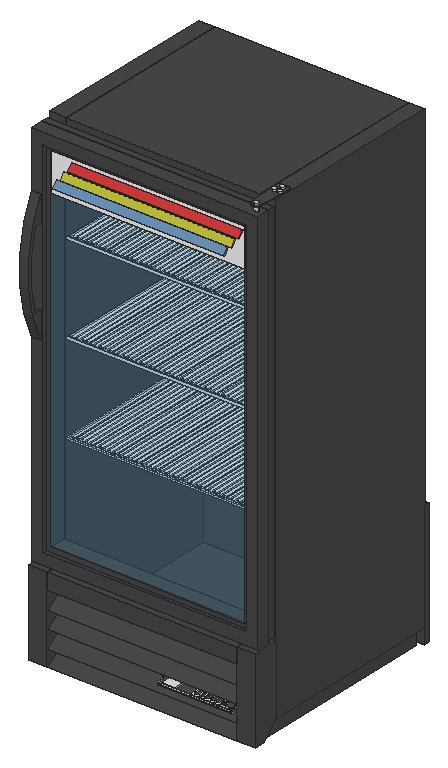
Revit family "QF_TRUE_GDM-10-HC~TSL01", category Specialty Equipment, Revit 2016
Family settings
  Part Type = Normal
  Round Connector Dimension = Use Diameter
  Work Plane-Based = No
  Always vertical = Yes
  Cut with Voids When Loaded = No
  Shared = No
  Room Calculation Point = No
Parameters
  Weight in Pounds = 0
  Watts = Volts * FL Amps  # 230 W
  Volts = 115 V
  URL Cutsheet = ""
  Specification by User = ""
  Specification by Manufacturer = ""
  Show Logo [instance] = yes
  Show Default Legs [instance] = not(Show 2.5 Inches Legs)  # yes
  Show Clearance [instance] = yes
  Show 2.5 Inches Legs [instance] = no
  Serial Number = ""
  Seismic Rating = ""
  SMACNA No = ""
  Revision Code = ""
  Phase = 1
  Number of Poles = 1
  NAFEM Spec ID Number = ""
  Model = "GDM-10-HC~TSL01"
  Min Ckt Ampacity = 0 A
  Max Overcurrent Protection = 0 A
  Materials and Finishes [instance] = QF_Plastic - Black - Smooth
  Masterspec = ""
  Manufacturer = "TRUE"
  Length = 24 13/16"
  Item Number = ""
  Installed By = ""
  Identify Quantity as Lot = yes
  Height [instance] = Body Height + Base Height  # 53 3/8"
  HP = "1/6"
  Furnished By = ""
  Foodservice Equipment Identifier = yes
  FL Amps = 2 A
  Electrical Remarks = ""
  Electric Connection Type = ""
  Elec Conn RI Height = 0"
  Elec Conn Connection Height = 0"
  Description = "SWING DOOR REFRIGERATOR WITH HYDROCARBON REFRIGERANT-TRUE STANDARD LOOK VERSION 01"
  Depth = 25 1/32"
  Cycle = 60 Hz
  Conn Plug = "NEMA 5-15P"
  Conn Conduit = yes
  CSI MasterFormat = ""
  Body Height [instance] = 53 3/16"  # constant formula
  Base Height [instance] = if(Show 2.5 Inches Legs, 2 1/2", 3/16")  # 3/16"
  Apparent Power = 0 VA
Reference planes (in)
  plane 1 "BACK": y = 0
  plane 2: z = 0
  plane 3 "LEFT": x = 0
  plane 4 "RIGHT": x = 24.8125
  plane 5 "FRONT": y = -25.03125
  plane 6 "TOP": z = 53.375
  plane 7 "Center Y": x = 12.40625
  plane 8 "Center X": y = -12.51562
  plane 9: y = -0.53125
  plane 10: y = -23.40625
  plane 11: y = -25.09375
  plane 12: y = -46.625
  plane 13: z = 0.1875
Forms (in)
  Revolve 1, solid, material "QF_Plastic - Black - Smooth", visible <- "Show 2.5 Inches Legs"
    sketch origin (0, -1.625, 0) x (1, 0, 0) y (0, 0, 1)
      loop
        line (2, 0) -> (2, 2.5) -> (1.48188, 2.5) -> (1.48188, 0.1875) -> (1.22535, 0.1875) -> (1.22535, 0) -> (2, 0)
      axis (2, 0) -> (2, 2.5)
    angle from 0 to 360
  Revolve 2, solid, material "QF_Plastic - Black - Smooth", visible <- "Show 2.5 Inches Legs"
    sketch origin (20.8125, -1.625, 0) x (1, 0, 0) y (0, 0, 1)
      loop
        line (2, 0) -> (2, 2.5) -> (1.48188, 2.5) -> (1.48188, 0.1875) -> (1.22535, 0.1875) -> (1.22535, 0) -> (2, 0)
      axis (2, 0) -> (2, 2.5)
    angle from 0 to 360
  Revolve 3, solid, material "QF_Plastic - Black - Smooth", visible <- "Show 2.5 Inches Legs"
    sketch origin (0, -21.375, 0) x (1, 0, 0) y (0, 0, 1)
      loop
        line (2, 0) -> (2, 2.5) -> (1.48188, 2.5) -> (1.48188, 0.1875) -> (1.22535, 0.1875) -> (1.22535, 0) -> (2, 0)
      axis (2, 0) -> (2, 2.5)
    angle from 0 to 360
  Revolve 4, solid, material "QF_Plastic - Black - Smooth", visible <- "Show 2.5 Inches Legs"
    sketch origin (20.8125, -21.375, 0) x (1, 0, 0) y (0, 0, 1)
      loop
        line (2, 0) -> (2, 2.5) -> (1.48188, 2.5) -> (1.48188, 0.1875) -> (1.22535, 0.1875) -> (1.22535, 0) -> (2, 0)
      axis (2, 0) -> (2, 2.5)
    angle from 0 to 360
  Revolve 5, solid, material "QF_Plastic - Black - Smooth", visible <- "Show 2.5 Inches Legs", not visible
    sketch origin (0, -1.625, 0) x (1, 0, 0) y (0, 0, 1)
      loop
        line (2, 0) -> (2, 2.5) -> (1.48188, 2.5) -> (1.48188, 0.1875) -> (1.22535, 0.1875) -> (1.22535, 0) -> (2, 0)
      axis (2, 0) -> (2, 2.5)
    angle from 0 to 360
  Revolve 6, solid, material "QF_Plastic - Black - Smooth", visible <- "Show 2.5 Inches Legs", not visible
    sketch origin (20.8125, -1.625, 0) x (1, 0, 0) y (0, 0, 1)
      loop
        line (2, 0) -> (2, 2.5) -> (1.48188, 2.5) -> (1.48188, 0.1875) -> (1.22535, 0.1875) -> (1.22535, 0) -> (2, 0)
      axis (2, 0) -> (2, 2.5)
    angle from 0 to 360
  Revolve 7, solid, material "QF_Plastic - Black - Smooth", visible <- "Show 2.5 Inches Legs", not visible
    sketch origin (0, -21.375, 0) x (1, 0, 0) y (0, 0, 1)
      loop
        line (2, 0) -> (2, 2.5) -> (1.48188, 2.5) -> (1.48188, 0.1875) -> (1.22535, 0.1875) -> (1.22535, 0) -> (2, 0)
      axis (2, 0) -> (2, 2.5)
    angle from 0 to 360
  Revolve 8, solid, material "QF_Plastic - Black - Smooth", visible <- "Show 2.5 Inches Legs", not visible
    sketch origin (20.8125, -21.375, 0) x (1, 0, 0) y (0, 0, 1)
      loop
        line (2, 0) -> (2, 2.5) -> (1.48188, 2.5) -> (1.48188, 0.1875) -> (1.22535, 0.1875) -> (1.22535, 0) -> (2, 0)
      axis (2, 0) -> (2, 2.5)
    angle from 0 to 360
Dimensions and locks (in)
  equal spacing: plane 3 "LEFT", plane 7 "Center Y", plane 4 "RIGHT"
  "Length": plane 3 "LEFT" to plane 4 "RIGHT"
  equal spacing: plane 5 "FRONT", plane 8 "Center X", plane 1 "BACK"
  "Depth": plane 5 "FRONT" to plane 1 "BACK"
  "Body Height": plane 6 "TOP" to plane 13
  plane 4 "RIGHT" to plane 3 "LEFT" = 24 13/16"
  plane 9 to plane 1 "BACK" = 17/32"
  plane 10 to plane 9 = 22 7/8"
  plane 5 "FRONT" to plane 10 = 1 5/8"
  plane 5 "FRONT" to plane 1 "BACK" = 25 1/32"
  plane 12 to plane 1 "BACK" = 46 5/8"
  "Base Height": plane 13 to level
  aligned and locked: level to plane 2
  aligned and locked: nested 1 to plane 13
Automatic sketch dimensions
  Revolve 1 sketch curve to Revolve 1 sketch curve = 0.51812"
  Revolve 1 sketch curve to Revolve 1 sketch curve = 0"  (x2)
  Revolve 1 sketch curve to Revolve 1 sketch curve = 1.02446"
  Revolve 2 sketch curve to Revolve 2 sketch curve = 0.25653"
  Revolve 2 sketch curve to Revolve 2 sketch curve = 0.51812"
  Revolve 2 sketch curve to Revolve 2 sketch curve = 0"  (x2)
  Revolve 2 sketch curve to Revolve 2 sketch curve = 1.02446"
  Revolve 3 sketch curve to Revolve 3 sketch curve = 0.51812"
  Revolve 3 sketch curve to Revolve 3 sketch curve = 0"  (x2)
  Revolve 3 sketch curve to Revolve 3 sketch curve = 1.02446"
  Revolve 4 sketch curve to Revolve 4 sketch curve = 0.25653"
  Revolve 4 sketch curve to Revolve 4 sketch curve = 0.51812"
  Revolve 4 sketch curve to Revolve 4 sketch curve = 0"  (x2)
  Revolve 4 sketch curve to Revolve 4 sketch curve = 1.02446"
  Revolve 1 sketch curve to Revolve 1 sketch curve = 0.25653"
  Revolve 1 sketch curve to Revolve 1 sketch curve = 3/16"
  Revolve 1 sketch curve to Revolve 1 sketch curve = 2 5/16"
  Revolve 2 sketch curve to Revolve 2 sketch curve = 3/16"
  Revolve 2 sketch curve to Revolve 2 sketch curve = 2 5/16"
  Revolve 3 sketch curve to Revolve 3 sketch curve = 0.25653"
  Revolve 3 sketch curve to Revolve 3 sketch curve = 3/16"
  Revolve 3 sketch curve to Revolve 3 sketch curve = 2 5/16"
  Revolve 4 sketch curve to Revolve 4 sketch curve = 3/16"
  Revolve 4 sketch curve to Revolve 4 sketch curve = 2 5/16"
  Revolve 5 sketch curve to Revolve 5 sketch curve = 0.51812"
  Revolve 5 sketch curve to Revolve 5 sketch curve = 0"  (x2)
  Revolve 5 sketch curve to Revolve 5 sketch curve = 1.02446"
  Revolve 6 sketch curve to Revolve 6 sketch curve = 0.25653"
  Revolve 6 sketch curve to Revolve 6 sketch curve = 0.51812"
  Revolve 6 sketch curve to Revolve 6 sketch curve = 0"  (x2)
  Revolve 6 sketch curve to Revolve 6 sketch curve = 1.02446"
  Revolve 7 sketch curve to Revolve 7 sketch curve = 0.51812"
  Revolve 7 sketch curve to Revolve 7 sketch curve = 0"  (x2)
  Revolve 7 sketch curve to Revolve 7 sketch curve = 1.02446"
  Revolve 8 sketch curve to Revolve 8 sketch curve = 0.25653"
  Revolve 8 sketch curve to Revolve 8 sketch curve = 0.51812"
  Revolve 8 sketch curve to Revolve 8 sketch curve = 0"  (x2)
  Revolve 8 sketch curve to Revolve 8 sketch curve = 1.02446"
  Revolve 5 sketch curve to Revolve 5 sketch curve = 0.25653"
  Revolve 5 sketch curve to Revolve 5 sketch curve = 3/16"
  Revolve 5 sketch curve to Revolve 5 sketch curve = 2 5/16"
  Revolve 6 sketch curve to Revolve 6 sketch curve = 3/16"
  Revolve 6 sketch curve to Revolve 6 sketch curve = 2 5/16"
  Revolve 7 sketch curve to Revolve 7 sketch curve = 0.25653"
  Revolve 7 sketch curve to Revolve 7 sketch curve = 3/16"
  Revolve 7 sketch curve to Revolve 7 sketch curve = 2 5/16"
  Revolve 8 sketch curve to Revolve 8 sketch curve = 3/16"
  Revolve 8 sketch curve to Revolve 8 sketch curve = 2 5/16"
Nested families (in)
  nested 1: "GDM-10-HC-TSL01" at (0, 0, 0), Show Clearance <- "Show Clearance", Show Default Legs <- "Show Default Legs", Show Logo <- "Show Logo", type "GDM-10-HC-TSL01"
    with Show Logo yes, Show Default Legs yes, Show Clearance yes
Connectors (in)
  electrical at (12.40625, 0.125, 7.53125), driven by "Volts", driven by "Watts"
    settings: on nested 1, index 1, voltage 115 V, apparent load 230 VA, apparent load phase1 0 VA, apparent load phase2 0 VA, apparent load phase3 0 VA, power factor 1, load classification "Other", number of poles 1, system type 30, power factor state 1, is connector primary yes, connector utility no, sub classification motor no, connector description "ELECTRICAL CONNECTION"
Definition of nested family "GDM-10-HC-TSL01"
  Parameters (values of type "GDM-10-HC-TSL01")
    Weight in Pounds = 0
    Watts = 0 W
    Volts = 0 V
    URL Cutsheet = ""
    Specification by User = ""
    Specification by Manufacturer = ""
    Show Logo [instance] = yes
    Show Default Legs [instance] = yes
    Show Clearance [instance] = yes
    Serial Number = ""
    Seismic Rating = ""
    SMACNA No = ""
    Revision Code = ""
    Phase = 0
    Number of Poles = 1
    NAFEM Spec ID Number = ""
    Model = ""
    Min Ckt Ampacity = 0 A
    Max Overcurrent Protection = 0 A
    Materials and Finishes = none
    Masterspec = ""
    Manufacturer = ""
    Length = 24 13/16"
    Item Number = ""
    Installed By = ""
    Identify Quantity as Lot = yes
    Height = 53 3/8"
    HP = ""
    Furnished By = ""
    Foodservice Equipment Identifier = yes
    FL Amps = 0 A
    Electrical Remarks = ""
    Electric Connection Type = ""
    Elec Conn RI Height = 0"
    Elec Conn Connection Height = 0"
    Description = ""
    Depth = 25 1/32"
    Cycle = 0 Hz
    Conn Plug = ""
    Conn Conduit = yes
    CSI MasterFormat = ""
    Apparent Power = 0 VA
  Reference planes (in)
    plane 1 "BACK": y = 0
    plane 2: z = 0
    plane 3 "LEFT": x = 0
    plane 4 "RIGHT": x = 24.8125
    plane 5 "FRONT": y = -25.03125
    plane 6 "TOP": z = 53.375
    plane 7 "Center Y": x = 12.40625
    plane 8 "Center X": y = -12.51562
    plane 9: y = -0.53125
    plane 10: y = -23.40625
    plane 11: y = -25.09375
    plane 12: z = 10.5
    plane 13: z = 2.375
    plane 14: z = 10.5
    plane 15: y = -46.625
    plane 16: y = -46.625
    plane 17: z = 0.1875
  Forms (in)
    Extrusion 1, solid
      sketch origin (0.03125, -23.4375, 65.50979) x (0, 0, 1) y (1, 0, 0)
        loop
          line (-13.96984, 23.53125) -> (-54.00979, 23.53125) -> (-54.00979, 1.21875) -> (-13.96984, 1.21875) -> (-13.96984, 23.53125)
        loop
          line (-14.46984, 23.03125) -> (-53.50979, 23.03125) -> (-53.50979, 1.71875) -> (-14.46984, 1.71875) -> (-14.46984, 23.03125)
      from 2.25251 to 0.5
    Extrusion 2, solid, material <- "Materials and Finishes"
      sketch origin (0.03125, -23.4375, 65.50979) x (0, 0, 1) y (1, 0, 0)
        loop
          line (-55.25979, -0.03125) -> (-12.71984, -0.03125) -> (-12.71984, 24.78125) -> (-55.25979, 24.78125) -> (-55.25979, -0.03125)
        loop
          line (-13.96984, 23.53125) -> (-54.00979, 23.53125) -> (-54.00979, 1.21875) -> (-13.96984, 1.21875) -> (-13.96984, 23.53125)
      from 1.50251 to 0.03125
    Extrusion 3, solid
      sketch origin (0.03125, -23.4375, 65.50979) x (0, 0, 1) y (1, 0, 0)
        loop
          line (-13.96984, 23.53125) -> (-54.00979, 23.53125) -> (-54.00979, 1.21875) -> (-13.96984, 1.21875) -> (-13.96984, 23.53125)
        loop
          line (-13.71984, 23.78125) -> (-54.25979, 23.78125) -> (-54.25979, 0.96875) -> (-13.71984, 0.96875) -> (-13.71984, 23.78125)
      from 2.25251 to 2.5625
    Extrusion 4, solid, material <- "Materials and Finishes"
      sketch origin (0.03125, 2.9375, 12.89062) x (0, 1, 0) y (0, 0, 1)
        loop
          line (-3.46875, 39.39932) -> (-5.125, 39.39932) -> (-5.125, -9.51562) -> (-23.8125, -9.51562) -> (-23.8125, -10.51562) -> (-3.46875, -10.51562) -> (-3.46875, 39.39932)
      from 1.75 to 23
    Extrusion 5, solid, material <- "Materials and Finishes"
      sketch origin (0.03125, 2.9375, 12.89062) x (0, -1, 0) y (0, 0, 1)
        loop
          line (23.8125, 40.39932) -> (3.46875, 40.39932) -> (3.46875, -10.51562) -> (23.8125, -10.51562) -> (23.8125, 40.39932)
      from 0.03125 to -1.75
    Extrusion 6, solid, material <- "Materials and Finishes"
      sketch origin (0, -0.0625, -1.8125) x (0, 1, 0) y (0, 0, 1)
        loop
          line (-0.46875, 2.5) -> (0.0625, 2.5) -> (0.0625, 16.1875) -> (-0.46875, 16.1875) -> (-0.46875, 2.5)
      from 0 to 24.8125
    Extrusion 7, solid, material <- "Materials and Finishes"
      sketch origin (0, 0.46875, 0.375) x (0, 1, 0) y (0, 0, 1)
        loop
          line (-21.34375, 9.625) -> (-24.20354, 9.625) -> (-24.20354, 0.3125) -> (-23.03125, 0.3125) -> (-21.34375, 2) -> (-21.34375, 9.625)
      from 0 to 2
    Extrusion 8, solid
      sketch origin (0, 0.46875, 0.375) x (0, 1, 0) y (0, 0, 1)
        loop
          line (-23.03125, 0.3125) -> (-23.03125, -0.1875) -> (-1, -0.1875) -> (-1, 2) -> (-21.34375, 2) -> (-23.03125, 0.3125)
      from 0.98361 to 23.82889
    Extrusion 9, solid, material <- "Materials and Finishes"
      sketch origin (2, 0.46875, 0.375) x (0, 1, 0) y (0, 0, 1)
        loop
          line (-24.20354, 9.625) -> (-24.20354, 7.875) -> (-21.40384, 7.875) -> (-24.20354, 5.88192) -> (-23.74627, 5.88192) -> (-21.34375, 7.61566) -> (-21.34375, 9.625) -> (-24.20354, 9.625)
        loop
          line (-21.34375, 6.04694) -> (-24.20354, 4.01463) -> (-23.74627, 4.01463) -> (-21.34375, 5.74837) -> (-21.34375, 6.04694)
        loop
          line (-21.34375, 3.88108) -> (-21.34375, 4.17966) -> (-24.20354, 2.11927) -> (-23.78927, 2.11927) -> (-21.34375, 3.88108)
        loop
          line (-21.34375, 2.37289) -> (-24.20354, 0.3125) -> (-23.03125, 0.3125) -> (-21.34375, 2) -> (-21.34375, 2.37289)
      from 0 to 20.8125
    Extrusion 10, solid
      sketch origin (0.03125, -22.9375, 65.50979) x (0, 0, -1) y (1, 0, 0)
        loop
          line (18.71984, 1.71875) -> (53.50979, 1.71875) -> (53.50979, 23.03125) -> (18.71984, 23.03125) -> (18.71984, 1.71875)
      from 0 to -0.125
    Extrusion 11, solid, visible <- "Show Clearance", detail levels coarse
      sketch origin (23.15625, -23.4375, 10.5) x (0, -1, 0) y (-1, 0, 0)
        loop
          line (-0.03125, -1.65625) -> (23.1875, -1.65625)
          arc (23.1875, -1.65625) -> (16.70099, 15.54381) -> (-0.03125, 23.15625) r 24.08186
          line (-0.03125, 23.15625) -> (-0.03125, -1.65625)
      from 0.25 to -42.28994
    Extrusion 12, solid, material <- "Materials and Finishes"
      sketch origin (24.78125, 2.9375, 12.89062) x (0, -1, 0) y (0, 0, -1)
        loop
          line (23.8125, -40.39932) -> (23.8125, 10.51562) -> (3.46875, 10.51562) -> (3.46875, -40.39932) -> (23.8125, -40.39932)
      from 0.03125 to -1.75
    Extrusion 13, solid
      sketch origin (0.03125, -21.96624, 65.50979) x (0, 0, 1) y (1, 0, 0)
        loop
          line (-55.00979, -0.03125) -> (-12.71984, -0.03125) -> (-12.71984, 24.78125) -> (-55.00979, 24.78125) -> (-55.00979, -0.03125)
        loop
          line (-13.96984, 23.53125) -> (-53.75979, 23.53125) -> (-53.75979, 1.21875) -> (-13.96984, 1.21875) -> (-13.96984, 23.53125)
      from 0.78125 to 0.03125
    Extrusion 14, solid, material <- "Materials and Finishes"
      sketch origin (24.8125, 0.46875, 0.375) x (0, 1, 0) y (0, 0, -1)
        loop
          line (-21.34375, -9.625) -> (-21.34375, -2) -> (-23.03125, -0.3125) -> (-24.20354, -0.3125) -> (-24.20354, -9.625) -> (-21.34375, -9.625)
      from 0 to 2
    Extrusion 15, solid
      sketch origin (0.35938, 0, 0) x (1, 0, 0) y (0, 1, 0)
        loop
          circle (23.55974, -22.48479) r 0.25
      from 10 to 53.44619
    Extrusion 16, solid, material <- "Materials and Finishes"
      sketch origin (0.375, 2.875, 22.39062) x (0, 1, 0) y (0, 0, 1)
        loop
          arc (-26.28125, 24.2861) -> (-27.90626, 17.09363) -> (-26.28125, 9.90116) r 16.72986
          line (-26.28125, 9.90116) -> (-26.28125, 12.85144) -> (-27.1009, 12.85144)
          arc (-27.1009, 12.85144) -> (-27.65626, 17.09363) -> (-27.1009, 21.33582) r 16.47986
          line (-27.1009, 21.33582) -> (-26.28125, 21.33582) -> (-26.28125, 24.2861)
      from -0.375 to 0.625
    Revolve 17, solid, visible <- "Show Default Legs"
      sketch origin (2, 0.46875, 0) x (0, 1, 0) y (0, 0, 1)
        loop
          line (-21.84375, 0) -> (-21.84375, 0.1875) -> (-22.6184, 0.1875) -> (-22.6184, 0) -> (-21.84375, 0)
        axis (-21.84375, 0) -> (-21.84375, 0.1875)
      angle from 0 to 360
    Revolve 18, solid, visible <- "Show Default Legs"
      sketch origin (2, 20.21875, 0) x (0, 1, 0) y (0, 0, 1)
        loop
          line (-21.84375, 0) -> (-21.84375, 0.1875) -> (-22.6184, 0.1875) -> (-22.6184, 0) -> (-21.84375, 0)
        axis (-21.84375, 0) -> (-21.84375, 0.1875)
      angle from 0 to 360
    Revolve 19, solid, visible <- "Show Default Legs"
      sketch origin (22.8125, 0.46875, 0) x (0, 1, 0) y (0, 0, -1)
        loop
          line (-21.84375, 0) -> (-22.6184, 0) -> (-22.6184, -0.1875) -> (-21.84375, -0.1875) -> (-21.84375, 0)
        axis (-21.84375, 0) -> (-21.84375, -0.1875)
      angle from 0 to 360
    Revolve 20, solid, visible <- "Show Default Legs"
      sketch origin (22.8125, 20.21875, 0) x (0, 1, 0) y (0, 0, -1)
        loop
          line (-21.84375, 0) -> (-22.6184, 0) -> (-22.6184, -0.1875) -> (-21.84375, -0.1875) -> (-21.84375, 0)
        axis (-21.84375, 0) -> (-21.84375, -0.1875)
      angle from 0 to 360
    Extrusion 21, solid, not visible
      sketch origin (-6.9261, -177.0625, 34.29306) x (-1, 0, 0) y (0, -1, 0)
        loop
          line (-8.70735, -174.875) -> (-8.70735, -156.1875) -> (-29.95735, -156.1875) -> (-29.95735, -174.875) -> (-8.70735, -174.875)
        loop
          line (-8.95735, -174.625) -> (-8.95735, -156.375) -> (-29.70735, -156.375) -> (-29.70735, -174.625) -> (-8.95735, -174.625)
      from 0 to 0.25
    Extrusion 22, solid, not visible
      sketch origin (0.23437, 2.9375, 7.80869) x (1, 0, 0) y (0, 0, 1)
        loop
          circle (10.17187, 26.73438) r 0.125
        loop
          circle (9.67187, 26.73438) r 0.125
        loop
          circle (9.17187, 26.73438) r 0.125
        loop
          circle (8.67187, 26.73438) r 0.125
        loop
          circle (8.17187, 26.73438) r 0.125
        loop
          circle (7.67187, 26.73438) r 0.125
        loop
          circle (7.17187, 26.73438) r 0.125
        loop
          circle (6.67187, 26.73438) r 0.125
        loop
          circle (6.17187, 26.73438) r 0.125
        loop
          circle (5.67187, 26.73438) r 0.125
        loop
          circle (5.17187, 26.73438) r 0.125
        loop
          circle (4.67187, 26.73438) r 0.125
        loop
          circle (4.17187, 26.73438) r 0.125
        loop
          circle (3.67187, 26.73438) r 0.125
        loop
          circle (3.17187, 26.73438) r 0.125
        loop
          circle (2.67187, 26.73438) r 0.125
        loop
          circle (2.17187, 26.73438) r 0.125
        loop
          circle (10.67187, 26.73438) r 0.125
        loop
          circle (11.17187, 26.73438) r 0.125
        loop
          circle (11.67187, 26.73438) r 0.125
        loop
          circle (12.17188, 26.73438) r 0.125
        loop
          circle (14.17188, 26.73438) r 0.125
        loop
          circle (14.67188, 26.73438) r 0.125
        loop
          circle (15.17188, 26.73438) r 0.125
        loop
          circle (15.67188, 26.73438) r 0.125
        loop
          circle (16.17188, 26.73438) r 0.125
        loop
          circle (16.67188, 26.73438) r 0.125
        loop
          circle (17.17188, 26.73438) r 0.125
        loop
          circle (17.67188, 26.73438) r 0.125
        loop
          circle (18.17188, 26.73438) r 0.125
        loop
          circle (18.67188, 26.73438) r 0.125
        loop
          circle (19.17188, 26.73438) r 0.125
        loop
          circle (19.67188, 26.73438) r 0.125
        loop
          circle (20.17188, 26.73438) r 0.125
        loop
          circle (20.67188, 26.73438) r 0.125
        loop
          circle (21.17188, 26.73438) r 0.125
        loop
          circle (21.67188, 26.73438) r 0.125
        loop
          circle (22.17188, 26.73438) r 0.125
        loop
          circle (13.67188, 26.73438) r 0.125
        loop
          circle (13.17188, 26.73438) r 0.125
        loop
          circle (12.67188, 26.73438) r 0.125
      from 5.125 to 23.625
    Extrusion 23, solid
      sketch origin (-6.9261, -177.0625, 31.567) x (-1, 0, 0) y (0, -1, 0)
        loop
          line (-8.70735, -174.875) -> (-8.70735, -156.1875) -> (-29.95735, -156.1875) -> (-29.95735, -174.875) -> (-8.70735, -174.875)
        loop
          line (-8.95735, -174.625) -> (-8.95735, -156.375) -> (-29.70735, -156.375) -> (-29.70735, -174.625) -> (-8.95735, -174.625)
      from 0 to 0.25
    Extrusion 24, solid
      sketch origin (0.23437, 2.9375, 5.08262) x (1, 0, 0) y (0, 0, 1)
        loop
          circle (10.17187, 26.73438) r 0.125
        loop
          circle (9.67187, 26.73438) r 0.125
        loop
          circle (9.17187, 26.73438) r 0.125
        loop
          circle (8.67187, 26.73438) r 0.125
        loop
          circle (8.17187, 26.73438) r 0.125
        loop
          circle (7.67187, 26.73438) r 0.125
        loop
          circle (7.17187, 26.73438) r 0.125
        loop
          circle (6.67187, 26.73438) r 0.125
        loop
          circle (6.17187, 26.73438) r 0.125
        loop
          circle (5.67187, 26.73438) r 0.125
        loop
          circle (5.17187, 26.73438) r 0.125
        loop
          circle (4.67187, 26.73438) r 0.125
        loop
          circle (4.17187, 26.73438) r 0.125
        loop
          circle (3.67187, 26.73438) r 0.125
        loop
          circle (3.17187, 26.73438) r 0.125
        loop
          circle (2.67187, 26.73438) r 0.125
        loop
          circle (2.17187, 26.73438) r 0.125
        loop
          circle (10.67187, 26.73438) r 0.125
        loop
          circle (11.17187, 26.73438) r 0.125
        loop
          circle (11.67187, 26.73438) r 0.125
        loop
          circle (12.17188, 26.73438) r 0.125
        loop
          circle (14.17188, 26.73438) r 0.125
        loop
          circle (14.67188, 26.73438) r 0.125
        loop
          circle (15.17188, 26.73438) r 0.125
        loop
          circle (15.67188, 26.73438) r 0.125
        loop
          circle (16.17188, 26.73438) r 0.125
        loop
          circle (16.67188, 26.73438) r 0.125
        loop
          circle (17.17188, 26.73438) r 0.125
        loop
          circle (17.67188, 26.73438) r 0.125
        loop
          circle (18.17188, 26.73438) r 0.125
        loop
          circle (18.67188, 26.73438) r 0.125
        loop
          circle (19.17188, 26.73438) r 0.125
        loop
          circle (19.67188, 26.73438) r 0.125
        loop
          circle (20.17188, 26.73438) r 0.125
        loop
          circle (20.67188, 26.73438) r 0.125
        loop
          circle (21.17188, 26.73438) r 0.125
        loop
          circle (21.67188, 26.73438) r 0.125
        loop
          circle (22.17188, 26.73438) r 0.125
        loop
          circle (13.67188, 26.73438) r 0.125
        loop
          circle (13.17188, 26.73438) r 0.125
        loop
          circle (12.67188, 26.73438) r 0.125
      from 5.125 to 23.625
    Extrusion 25, solid
      sketch origin (-6.9261, -177.0625, 41.413) x (-1, 0, 0) y (0, -1, 0)
        loop
          line (-8.70735, -174.875) -> (-8.70735, -156.1875) -> (-29.95735, -156.1875) -> (-29.95735, -174.875) -> (-8.70735, -174.875)
        loop
          line (-8.95735, -174.625) -> (-8.95735, -156.375) -> (-29.70735, -156.375) -> (-29.70735, -174.625) -> (-8.95735, -174.625)
      from 0 to 0.25
    Extrusion 26, solid
      sketch origin (0.23437, 2.9375, 14.92862) x (1, 0, 0) y (0, 0, 1)
        loop
          circle (10.17187, 26.73438) r 0.125
        loop
          circle (9.67187, 26.73438) r 0.125
        loop
          circle (9.17187, 26.73438) r 0.125
        loop
          circle (8.67187, 26.73438) r 0.125
        loop
          circle (8.17187, 26.73438) r 0.125
        loop
          circle (7.67187, 26.73438) r 0.125
        loop
          circle (7.17187, 26.73438) r 0.125
        loop
          circle (6.67187, 26.73438) r 0.125
        loop
          circle (6.17187, 26.73438) r 0.125
        loop
          circle (5.67187, 26.73438) r 0.125
        loop
          circle (5.17187, 26.73438) r 0.125
        loop
          circle (4.67187, 26.73438) r 0.125
        loop
          circle (4.17187, 26.73438) r 0.125
        loop
          circle (3.67187, 26.73438) r 0.125
        loop
          circle (3.17187, 26.73438) r 0.125
        loop
          circle (2.67187, 26.73438) r 0.125
        loop
          circle (2.17187, 26.73438) r 0.125
        loop
          circle (10.67187, 26.73438) r 0.125
        loop
          circle (11.17187, 26.73438) r 0.125
        loop
          circle (11.67187, 26.73438) r 0.125
        loop
          circle (12.17188, 26.73438) r 0.125
        loop
          circle (14.17188, 26.73438) r 0.125
        loop
          circle (14.67188, 26.73438) r 0.125
        loop
          circle (15.17188, 26.73438) r 0.125
        loop
          circle (15.67188, 26.73438) r 0.125
        loop
          circle (16.17188, 26.73438) r 0.125
        loop
          circle (16.67188, 26.73438) r 0.125
        loop
          circle (17.17188, 26.73438) r 0.125
        loop
          circle (17.67188, 26.73438) r 0.125
        loop
          circle (18.17188, 26.73438) r 0.125
        loop
          circle (18.67188, 26.73438) r 0.125
        loop
          circle (19.17188, 26.73438) r 0.125
        loop
          circle (19.67188, 26.73438) r 0.125
        loop
          circle (20.17188, 26.73438) r 0.125
        loop
          circle (20.67188, 26.73438) r 0.125
        loop
          circle (21.17188, 26.73438) r 0.125
        loop
          circle (21.67188, 26.73438) r 0.125
        loop
          circle (22.17188, 26.73438) r 0.125
        loop
          circle (13.67188, 26.73438) r 0.125
        loop
          circle (13.17188, 26.73438) r 0.125
        loop
          circle (12.67188, 26.73438) r 0.125
      from 5.125 to 23.625
    Extrusion 27, solid
      sketch origin (-6.9261, -177.0625, 21.721) x (-1, 0, 0) y (0, -1, 0)
        loop
          line (-8.70735, -174.875) -> (-8.70735, -156.1875) -> (-29.95735, -156.1875) -> (-29.95735, -174.875) -> (-8.70735, -174.875)
        loop
          line (-8.95735, -174.625) -> (-8.95735, -156.375) -> (-29.70735, -156.375) -> (-29.70735, -174.625) -> (-8.95735, -174.625)
      from 0 to 0.25
    Extrusion 28, solid
      sketch origin (0.23437, 2.9375, -4.76338) x (1, 0, 0) y (0, 0, 1)
        loop
          circle (10.17187, 26.73438) r 0.125
        loop
          circle (9.67187, 26.73438) r 0.125
        loop
          circle (9.17187, 26.73438) r 0.125
        loop
          circle (8.67187, 26.73438) r 0.125
        loop
          circle (8.17187, 26.73438) r 0.125
        loop
          circle (7.67187, 26.73438) r 0.125
        loop
          circle (7.17187, 26.73438) r 0.125
        loop
          circle (6.67187, 26.73438) r 0.125
        loop
          circle (6.17187, 26.73438) r 0.125
        loop
          circle (5.67187, 26.73438) r 0.125
        loop
          circle (5.17187, 26.73438) r 0.125
        loop
          circle (4.67187, 26.73438) r 0.125
        loop
          circle (4.17187, 26.73438) r 0.125
        loop
          circle (3.67187, 26.73438) r 0.125
        loop
          circle (3.17187, 26.73438) r 0.125
        loop
          circle (2.67187, 26.73438) r 0.125
        loop
          circle (2.17187, 26.73438) r 0.125
        loop
          circle (10.67187, 26.73438) r 0.125
        loop
          circle (11.17187, 26.73438) r 0.125
        loop
          circle (11.67187, 26.73438) r 0.125
        loop
          circle (12.17188, 26.73438) r 0.125
        loop
          circle (14.17188, 26.73438) r 0.125
        loop
          circle (14.67188, 26.73438) r 0.125
        loop
          circle (15.17188, 26.73438) r 0.125
        loop
          circle (15.67188, 26.73438) r 0.125
        loop
          circle (16.17188, 26.73438) r 0.125
        loop
          circle (16.67188, 26.73438) r 0.125
        loop
          circle (17.17188, 26.73438) r 0.125
        loop
          circle (17.67188, 26.73438) r 0.125
        loop
          circle (18.17188, 26.73438) r 0.125
        loop
          circle (18.67188, 26.73438) r 0.125
        loop
          circle (19.17188, 26.73438) r 0.125
        loop
          circle (19.67188, 26.73438) r 0.125
        loop
          circle (20.17188, 26.73438) r 0.125
        loop
          circle (20.67188, 26.73438) r 0.125
        loop
          circle (21.17188, 26.73438) r 0.125
        loop
          circle (21.67188, 26.73438) r 0.125
        loop
          circle (22.17188, 26.73438) r 0.125
        loop
          circle (13.67188, 26.73438) r 0.125
        loop
          circle (13.17188, 26.73438) r 0.125
        loop
          circle (12.67188, 26.73438) r 0.125
      from 5.125 to 23.625
    Extrusion 29, solid, material <- "Materials and Finishes"
      sketch origin (4.31688, 2.875, 17.80556) x (1, 0, 0) y (0, 1, 0)
        loop
          arc (19.40165, -21.39984) -> (19.03744, -21.55726) -> (18.90258, -21.93042) r 0.5
          line (18.90258, -21.93042) -> (19.11273, -25.35979)
          arc (19.11273, -25.35979) -> (19.6118, -25.82921) -> (20.11086, -25.35979) r 0.5
          line (20.11086, -25.35979) -> (20.32101, -21.93042)
          arc (20.32101, -21.93042) -> (20.18615, -21.55726) -> (19.82195, -21.39984) r 0.5
          line (19.82195, -21.39984) -> (19.40165, -21.39984)
      from 35.48438 to 35.56944
    Extrusion 30, solid
      sketch origin (4.30731, 2.875, 17.80556) x (1, 0, 0) y (0, 1, 0)
        loop
          circle (19.6118, -21.78078) r 0.25
        loop
          circle (19.30218, -22.51019) r 0.25
        loop
          circle (19.92141, -22.51019) r 0.25
      from 35.48438 to 35.64063
    Extrusion 31, solid
      sketch origin (0.75, -20.8125, -26.58506) x (-1, 0, 0) y (0, 0, 1)
        loop
          line (-1, 77.625) -> (-22.3125, 77.625) -> (-22.3125, 73.375) -> (-1, 73.375) -> (-1, 77.625)
      from -0.37249 to -2.125
    Extrusion 32, solid
      sketch origin (0.75, -22.9375, -25.33506) x (1, 0, 0) y (0, 0, 1)
        loop
          line (2.10165, 73.75) -> (20.84375, 73.75) -> (21.22761, 74.75) -> (2.48552, 74.75) -> (2.10165, 73.75)
      from 0 to 0.03125
    Extrusion 33, solid
      sketch origin (0.75, -22.9375, -26.33506) x (1, 0, 0) y (0, 0, 1)
        loop
          line (3.30123, 76.875) -> (2.91736, 75.875) -> (21.64348, 75.875) -> (22.02734, 76.875) -> (3.30123, 76.875)
      from 0 to 0.03125
    Extrusion 34, solid
      sketch origin (0.75, -22.9375, -24.33506) x (1, 0, 0) y (0, 0, 1)
        loop
          line (1.28594, 71.625) -> (20.02239, 71.625) -> (20.40625, 72.625) -> (1.66981, 72.625) -> (1.28594, 71.625)
      from 0 to 0.03125
    Extrusion 35, solid, material <- "Materials and Finishes"
      sketch origin (20.40625, -69.74366, 53.28994) x (0, 1, 0) y (-1, 0, 0)
        loop
          line (69.21241, -2.625) -> (69.21241, 18.625) -> (48.86866, 18.625) -> (48.86866, -2.625) -> (69.21241, -2.625)
      from 0 to -1
    Extrusion 36, solid, material <- "Materials and Finishes"
      sketch origin (0, 0, 0.6875) x (0, 0, 1) y (1, 0, 0)
        loop
          circle (6.84375, 12.40625) r 0.25
      from 0 to 0.125
  Lines and regions (in)
    symbolic lines
      curve 1: line (0, 0, 0) -> (24.8125, 0, 0)
      curve 2: line (0, -23.40625, 0) -> (0, 0, 0)
      curve 3: line (24.8125, -23.40625, 0) -> (0, -23.40625, 0)
      curve 4: line (24.8125, 0, 0) -> (24.8125, -23.73479, 0)
      curve 5: line (24.8125, -21.93499, 0) -> (24.46144, -21.93499, 0)
      curve 6: line (24.8125, -21.18499, 0) -> (24.5074, -21.18499, 0)
      curve 7: line (0, -20.875, 0) -> (23.33097, -20.875, 0)
      curve 8: line (1.78125, -0.53125, 0) -> (1.78125, -20.875, 0)
      curve 9: line (23.03125, -20.875, 0) -> (23.03125, -0.53125, 0)
      curve 10: line (24.13883, -18.52484, 0) -> (23.71853, -18.52484, 0)
      curve 11: arc (23.71853, -18.52484, 0) -> (23.35432, -18.68226, 0) -> (23.21947, -19.05542, 0) r 0.5
      curve 12: line (23.21947, -19.05542, 0) -> (23.42962, -22.48479, 0)
      curve 13: arc (23.42962, -22.48479, 0) -> (23.92868, -22.95421, 0) -> (24.42775, -22.48479, 0) r 0.5
      curve 14: line (24.42775, -22.48479, 0) -> (24.6379, -19.05542, 0)
      curve 15: arc (24.6379, -19.05542, 0) -> (24.50304, -18.68226, 0) -> (24.13883, -18.52484, 0) r 0.5
      curve 16: arc (24.16911, -22.48479, 0) -> (23.91911, -22.23479, 0) -> (23.66911, -22.48479, 0) r 0.25
      curve 17: arc (23.66911, -22.48479, 0) -> (23.91911, -22.73479, 0) -> (24.16911, -22.48479, 0) r 0.25
      curve 18: arc (23.3595, -19.63519, 0) -> (23.6095, -19.88519, 0) -> (23.8595, -19.63519, 0) r 0.25
      curve 19: arc (23.8595, -19.63519, 0) -> (23.6095, -19.38519, 0) -> (23.3595, -19.63519, 0) r 0.25
      curve 20: arc (23.97873, -19.63519, 0) -> (24.22873, -19.88519, 0) -> (24.47873, -19.63519, 0) r 0.25
      curve 21: arc (24.47873, -19.63519, 0) -> (24.22873, -19.38519, 0) -> (23.97873, -19.63519, 0) r 0.25
      curve 22: arc (23.66911, -18.90578, 0) -> (23.91911, -19.15578, 0) -> (24.16911, -18.90578, 0) r 0.25
      curve 23: arc (24.16911, -18.90578, 0) -> (23.91911, -18.65578, 0) -> (23.66911, -18.90578, 0) r 0.25
      curve 24: line (24.52639, -20.875, 0) -> (24.8125, -20.875, 0)
      curve 25: line (23.34997, -21.18499, 0) -> (0, -21.18499, 0)
      curve 26: line (23.39593, -21.93499, 0) -> (0, -21.93499, 0)
      curve 27: line (24.8125, -23.40625, 0) -> (3.78864, -35.54438, 0)
      curve 28: arc (3.78864, -35.54438, 0) -> (1.07871, -29.72989, 0) -> (0, -23.40625, 0) r 24.08186
      curve 29: line (0, -25.03126, 0) -> (0, -23.40625, 0)
      curve 30: line (0, -25.03126, 0) -> (1, -25.03126, 0)
      curve 31: line (1, -25.03126, 0) -> (1, -23.40625, 0)
      curve 32: line (1, -23.73479, 0) -> (24.8125, -23.73479, 0)
      curve 33: line (0, -0.53125, 0) -> (24.8125, -0.53125, 0)
  Dimensions and locks (in)
    equal spacing: plane 3 "LEFT", plane 7 "Center Y", plane 4 "RIGHT"
    "Length": plane 3 "LEFT" to plane 4 "RIGHT"
    equal spacing: plane 5 "FRONT", plane 8 "Center X", plane 1 "BACK"
    "Depth": plane 5 "FRONT" to plane 1 "BACK"
    "Height": plane 6 "TOP" to level
    plane 4 "RIGHT" to plane 3 "LEFT" = 24 13/16"
    plane 9 to plane 1 "BACK" = 17/32"
    plane 10 to plane 9 = 22 7/8"
    plane 5 "FRONT" to plane 10 = 1 5/8"
    plane 5 "FRONT" to plane 1 "BACK" = 25 1/32"
    plane 1 "BACK" to plane 15 = 46 5/8"
    plane 16 to plane 1 "BACK" = 46 5/8"
    plane 17 to level = 3/16"
    equal spacing: Extrusion 6, Extrusion 36 sketch curve, Extrusion 9
    aligned and locked: level to plane 2
  Automatic sketch dimensions
    Extrusion 21 sketch curve to Extrusion 21 sketch curve = 20 3/4"
    Extrusion 21 sketch curve to Extrusion 21 sketch curve = 1/4"  (x3)
    Extrusion 21 sketch curve to Extrusion 21 sketch curve = 18 1/4"
    Extrusion 21 sketch curve to Extrusion 21 sketch curve = 3/16"
    Extrusion 23 sketch curve to Extrusion 23 sketch curve = 20 3/4"
    Extrusion 23 sketch curve to Extrusion 23 sketch curve = 1/4"  (x3)
    Extrusion 23 sketch curve to Extrusion 23 sketch curve = 18 1/4"
    Extrusion 23 sketch curve to Extrusion 23 sketch curve = 3/16"
    Extrusion 24 sketch curve to Extrusion 24 sketch curve = 1/2"  (x40)
    Extrusion 24 sketch curve to Extrusion 24 sketch curve = 0"  (x40)
    Extrusion 25 sketch curve to Extrusion 25 sketch curve = 20 3/4"
    Extrusion 25 sketch curve to Extrusion 25 sketch curve = 1/4"  (x3)
    Extrusion 25 sketch curve to Extrusion 25 sketch curve = 18 1/4"
    Extrusion 25 sketch curve to Extrusion 25 sketch curve = 3/16"
    Extrusion 26 sketch curve to Extrusion 26 sketch curve = 1/2"  (x40)
    Extrusion 26 sketch curve to Extrusion 26 sketch curve = 0"  (x40)
    Extrusion 27 sketch curve to Extrusion 27 sketch curve = 20 3/4"
    Extrusion 27 sketch curve to Extrusion 27 sketch curve = 1/4"  (x3)
    Extrusion 27 sketch curve to Extrusion 27 sketch curve = 18 1/4"
    Extrusion 27 sketch curve to Extrusion 27 sketch curve = 3/16"
    Extrusion 28 sketch curve to Extrusion 28 sketch curve = 1/2"  (x40)
    Extrusion 28 sketch curve to Extrusion 28 sketch curve = 0"  (x40)
    plane 1 "BACK" to curve 1 = 0"
    curve 1 to plane 3 "LEFT" = 0"
    curve 29 to plane 10 = 0"
    curve 8 to plane 9 = 0"
    curve 27 to plane 4 "RIGHT" = 0"
    plane 5 "FRONT" to curve 30 = 0"
    plane 3 "LEFT" to curve 30 = 0"
    curve 29 to curve 31 = 1"
    plane 3 "LEFT" to curve 27 = 3.78864"
    plane 4 "RIGHT" to curve 12 = 1.59303"
    plane 10 to curve 12 = 0.92146"
    plane 4 "RIGHT" to curve 12 = 1.38288"
    curve 12 to curve 19 = 0.39003"
    curve 12 to curve 10 = 0.49906"
    curve 12 to curve 17 = 0.48949"
    curve 11 to curve 22 = 0.20058"
    curve 16 to curve 13 = 0.00957"
    curve 16 to curve 28 = 0.14769"
    curve 11 to curve 10 = 0.4203"
    plane 4 "RIGHT" to curve 20 = 0.58377"
    curve 28 to curve 14 = 0.36094"
    plane 4 "RIGHT" to curve 14 = 0.1746"
    plane 5 "FRONT" to curve 27 = 10.51313"
    curve 4 to plane 10 = 0.32854"
    curve 28 to curve 17 = 0.06989"
    curve 16 to curve 13 = 0.03058"
    curve 13 to curve 20 = 2.81903"
    curve 18 to curve 20 = 0"
    curve 19 to curve 12 = 0.57977"
    curve 21 to curve 14 = 0.57977"
    curve 14 to curve 15 = 0.03058"
    curve 11 to curve 23 = 0.11906"
    plane 3 "LEFT" to curve 8 = 1 25/32"
    curve 9 to curve 18 = 0.57825"
    curve 9 to curve 7 = 0.29972"
    curve 7 to curve 25 = 0.019"
    curve 19 to curve 18 = 1/4"
    curve 26 to curve 13 = 0.03369"
    curve 22 to curve 11 = 0.04942"
    curve 12 to curve 17 = 0.23949"
    curve 18 to curve 20 = 0.11923"
    plane 4 "RIGHT" to curve 5 = 0.35106"
    curve 6 to curve 6 = 0.3051"
    curve 24 to curve 24 = 0.28611"
    Extrusion 6 sketch curve to Extrusion 6 sketch curve = 13 11/16"
    Extrusion 7 sketch curve to Extrusion 7 sketch curve = 1 11/16"  (x2)
    Extrusion 7 sketch curve to Extrusion 7 sketch curve = 7 5/8"
    Extrusion 9 sketch curve to Extrusion 7 = 0"  (x11)
    Extrusion 7 to Extrusion 9 sketch curve = 0"  (x2)
    Extrusion 9 sketch curve to Extrusion 9 sketch curve = 0.41427"
    Extrusion 9 sketch curve to Extrusion 9 sketch curve = 0.45727"  (x2)
    Extrusion 9 sketch curve to Extrusion 7 = 0.06009"
    Extrusion 9 sketch curve to Extrusion 7 = 1.80677"
    Extrusion 9 sketch curve to Extrusion 9 sketch curve = 0.37289"
    Extrusion 9 sketch curve to Extrusion 9 sketch curve = 1.5082"
    Extrusion 9 sketch curve to Extrusion 9 sketch curve = 1.89536"
    Extrusion 9 sketch curve to Extrusion 9 sketch curve = 0.29857"  (x2)
    Extrusion 9 sketch curve to Extrusion 9 sketch curve = 1.56871"  (x2)
    Extrusion 9 sketch curve to Extrusion 9 sketch curve = 1.86729"
    Extrusion 9 sketch curve to Extrusion 9 sketch curve = 1 3/4"
    Extrusion 1 to Extrusion 10 sketch curve = 0"
    Extrusion 10 sketch curve to Extrusion 1 = 0"  (x2)
    Extrusion 11 sketch curve to plane 15 = 0"
    Extrusion 14 sketch curve to Extrusion 14 sketch curve = 1 11/16"  (x2)
    Extrusion 15 sketch curve to Extrusion 15 sketch curve = 1/4"
    Extrusion 16 sketch curve to Extrusion 16 sketch curve = 0"  (x5)
    Extrusion 16 sketch curve to Extrusion 16 sketch curve = 2.95028"
    Revolve 17 sketch curve to Revolve 17 sketch curve = 0.77465"
    Revolve 17 sketch curve to Revolve 17 sketch curve = 0"  (x2)
    Revolve 17 sketch curve to Revolve 17 sketch curve = 0.38265"
    Revolve 18 sketch curve to Revolve 18 sketch curve = 0.77465"
    Revolve 18 sketch curve to Revolve 18 sketch curve = 0"  (x2)
    Revolve 18 sketch curve to Revolve 18 sketch curve = 0.38265"
    Revolve 19 sketch curve to Revolve 19 sketch curve = 0.77465"
    Revolve 19 sketch curve to Revolve 19 sketch curve = 0"  (x2)
    Revolve 19 sketch curve to Revolve 19 sketch curve = 0.38265"
    Revolve 20 sketch curve to Revolve 20 sketch curve = 0.77465"
    Revolve 20 sketch curve to Revolve 20 sketch curve = 0"  (x2)
    Revolve 20 sketch curve to Revolve 20 sketch curve = 0.38265"
    Extrusion 29 sketch curve to Extrusion 29 sketch curve = 0.49906"  (x4)
    Extrusion 29 sketch curve to Extrusion 29 sketch curve = 0.4203"
    Extrusion 29 sketch curve to Extrusion 29 sketch curve = 0.03058"  (x2)
    Extrusion 29 sketch curve to Extrusion 29 sketch curve = 3.42938"
    Extrusion 29 sketch curve to Extrusion 29 sketch curve = 0"
    Extrusion 30 sketch curve to Extrusion 30 sketch curve = 0.30962"
    Extrusion 30 sketch curve to Extrusion 30 sketch curve = 0"
    Extrusion 30 sketch curve to Extrusion 30 sketch curve = 0.72941"
    Extrusion 32 sketch curve to Extrusion 31 = 1.10165"
    Extrusion 32 sketch curve to Extrusion 32 sketch curve = 0.38386"  (x2)
    Extrusion 32 sketch curve to Extrusion 31 = 1 15/32"
    Extrusion 32 sketch curve to Extrusion 31 = 1 5/8"
    Extrusion 32 sketch curve to Extrusion 32 sketch curve = 1"
    Extrusion 33 sketch curve to Extrusion 31 = 1.91736"
    Extrusion 33 sketch curve to Extrusion 31 = 1/2"
    Extrusion 33 sketch curve to Extrusion 33 sketch curve = 0.38386"
    Extrusion 33 sketch curve to Extrusion 31 = 0.66902"
    Extrusion 33 sketch curve to Extrusion 31 = 73/256"
    Extrusion 33 sketch curve to Extrusion 33 sketch curve = 1"
    Extrusion 34 sketch curve to Extrusion 31 = 0.28594"
    Extrusion 34 sketch curve to Extrusion 31 = 0.66981"
    Extrusion 34 sketch curve to Extrusion 31 = 1/2"
    Extrusion 34 sketch curve to Extrusion 31 = 2.29011"
    Extrusion 34 sketch curve to Extrusion 34 sketch curve = 0.38386"
    Extrusion 34 sketch curve to Extrusion 34 sketch curve = 1"
    Extrusion 4 sketch curve to plane 13 = 0"
    plane 13 to Extrusion 4 sketch curve = 1"
    Extrusion 2 sketch curve to plane 12 = 1/4"
    plane 12 to Extrusion 2 sketch curve = 1"
    Extrusion 13 sketch curve to plane 14 = 0"
    plane 14 to Extrusion 13 sketch curve = 1 1/4"
    Extrusion 1 sketch curve to Extrusion 1 sketch curve = 1/2"  (x4)
    Extrusion 10 sketch curve to Extrusion 1 = 4 3/4"
    Extrusion 3 sketch curve to Extrusion 3 sketch curve = 1/4"  (x4)
    Extrusion 1 sketch curve to Extrusion 1 sketch curve = 39.03994"
    Extrusion 1 sketch curve to Extrusion 1 sketch curve = 21 5/16"
    Extrusion 2 sketch curve to Extrusion 2 sketch curve = 40.03994"
    Extrusion 2 sketch curve to Extrusion 2 sketch curve = 1 1/4"  (x3)
    Extrusion 2 sketch curve to Extrusion 2 sketch curve = 22 5/16"
    Extrusion 3 sketch curve to Extrusion 3 sketch curve = 40.03994"
    Extrusion 3 sketch curve to Extrusion 3 sketch curve = 22 5/16"
    Extrusion 4 sketch curve to Extrusion 4 sketch curve = 18 11/16"
    Extrusion 4 sketch curve to Extrusion 4 sketch curve = 1 21/32"
    Extrusion 4 sketch curve to Extrusion 4 sketch curve = 48.91494"
    Extrusion 5 sketch curve to Extrusion 5 sketch curve = 20 11/32"
    Extrusion 5 sketch curve to Extrusion 5 sketch curve = 50.91494"
    Extrusion 6 sketch curve to Extrusion 6 sketch curve = 17/32"
    Extrusion 7 sketch curve to Extrusion 7 sketch curve = 1.17229"
    Extrusion 8 sketch curve to Extrusion 8 sketch curve = 1 11/16"  (x2)
    Extrusion 8 sketch curve to Extrusion 8 sketch curve = 20 11/32"
    Extrusion 8 sketch curve to Extrusion 8 sketch curve = 1/2"
    Extrusion 11 sketch curve to Extrusion 11 sketch curve = 23 7/32"
    Extrusion 11 sketch curve to Extrusion 11 sketch curve = 109/128"
    Extrusion 11 sketch curve to Extrusion 11 sketch curve = 24.0668"
    Extrusion 12 sketch curve to Extrusion 12 sketch curve = 20 11/32"
    Extrusion 12 sketch curve to Extrusion 12 sketch curve = 50.91494"
    Extrusion 13 sketch curve to Extrusion 13 sketch curve = 39.78994"
    Extrusion 13 sketch curve to Extrusion 13 sketch curve = 1 1/4"  (x3)
    Extrusion 13 sketch curve to Extrusion 13 sketch curve = 22 5/16"
    Extrusion 14 sketch curve to Extrusion 14 sketch curve = 1.17229"
    Extrusion 14 sketch curve to Extrusion 14 sketch curve = 7 5/8"
    Extrusion 16 sketch curve to Extrusion 16 sketch curve = 0.81965"  (x2)
    Extrusion 16 sketch curve to Extrusion 16 sketch curve = 15.10485"
    Extrusion 16 sketch curve to Extrusion 16 sketch curve = 4 31/128"
    Revolve 17 sketch curve to Revolve 17 sketch curve = 3/16"
    Revolve 18 sketch curve to Revolve 18 sketch curve = 3/16"
    Revolve 19 sketch curve to Revolve 19 sketch curve = 3/16"
    Revolve 20 sketch curve to Revolve 20 sketch curve = 3/16"
    Extrusion 29 sketch curve to Extrusion 29 sketch curve = 0.21015"
    Extrusion 30 sketch curve to Extrusion 30 sketch curve = 0.61923"
    Extrusion 31 sketch curve to Extrusion 31 sketch curve = 21 5/16"
    Extrusion 31 sketch curve to Extrusion 31 sketch curve = 4 1/4"
    Extrusion 35 sketch curve to Extrusion 35 sketch curve = 20 11/32"
    Extrusion 35 sketch curve to Extrusion 35 sketch curve = 21 1/4"
    plane 4 "RIGHT" to Extrusion 1 sketch curve = 1 1/4"
    plane 17 to Extrusion 1 sketch curve = 11 5/16"
    Extrusion 2 sketch curve to plane 3 "LEFT" = 0"
    plane 3 "LEFT" to Extrusion 3 sketch curve = 1"
    plane 17 to Extrusion 3 sketch curve = 11 1/16"
    Extrusion 4 sketch curve to plane 9 = 0"
    Extrusion 5 sketch curve to plane 9 = 0"
    plane 17 to Extrusion 5 sketch curve = 2 3/16"
    Extrusion 6 sketch curve to plane 9 = 0"
    plane 17 to Extrusion 6 sketch curve = 1/2"
    Extrusion 7 sketch curve to plane 10 = 0.32854"
    plane 17 to Extrusion 7 sketch curve = 1/2"
    Extrusion 8 sketch curve to plane 17 = 0"
    Extrusion 8 sketch curve to plane 9 = 0"
    Extrusion 11 sketch curve to plane 3 "LEFT" = 0"
    Extrusion 12 sketch curve to plane 9 = 0"
    Extrusion 12 sketch curve to plane 6 "TOP" = 0.08506"
    Extrusion 13 sketch curve to plane 3 "LEFT" = 0"
    Extrusion 14 sketch curve to plane 10 = 0.32854"
    plane 17 to Extrusion 14 sketch curve = 9 13/16"
    Extrusion 15 sketch curve to Extrusion 15 sketch curve = 0"  (x2)
    plane 4 "RIGHT" to Extrusion 15 sketch curve = 0.89339"
    plane 10 to Extrusion 15 sketch curve = 0.92146"
    Extrusion 16 sketch curve to plane 10 = 0"
    Extrusion 16 sketch curve to plane 6 "TOP" = 21.08322"
    Revolve 17 sketch curve to plane 17 = 0"
    plane 10 to Revolve 17 sketch curve = 1.2566"
    Revolve 18 sketch curve to plane 17 = 0"
    Revolve 18 sketch curve to plane 9 = 1.8684"
    Revolve 19 sketch curve to plane 17 = 0"
    plane 10 to Revolve 19 sketch curve = 1.2566"
    Revolve 20 sketch curve to plane 17 = 0"
    Revolve 20 sketch curve to plane 9 = 1.8684"
    plane 4 "RIGHT" to Extrusion 29 sketch curve = 1.59303"
    plane 10 to Extrusion 29 sketch curve = 0.92146"
    plane 4 "RIGHT" to Extrusion 30 sketch curve = 1.203"
    plane 10 to Extrusion 30 sketch curve = 3.77106"
    plane 4 "RIGHT" to Extrusion 31 sketch curve = 1 3/4"
    Extrusion 31 sketch curve to plane 6 "TOP" = 6.58506"
    Extrusion 35 sketch curve to plane 9 = 0"
    plane 4 "RIGHT" to Extrusion 35 sketch curve = 1 25/32"
    Extrusion 6 to Extrusion 36 sketch curve = 12 13/32"
    radius of Extrusion 24 sketch curve = 1/8"  (x41)
    radius of Extrusion 26 sketch curve = 1/8"  (x41)
    radius of Extrusion 28 sketch curve = 1/8"  (x41)
    radius of Extrusion 30 sketch curve = 1/4"  (x3)
    radius of Extrusion 36 sketch curve = 1/4"
  Nested families (in)
    nested 1: "QF_LOGO_TRUE" at (13.73437, -22.01905, 2.22774), Show Logo <- "Show Logo", type "QF_LOGO_TRUE", detail levels medium+fine
      with Show Logo yes
  Definition of nested family "QF_LOGO_TRUE"
    Parameters (values of type "QF_LOGO_TRUE")
      Show Logo [instance] = yes
    Reference planes (in)
      plane 1 "Center (Front/Back)": y = 0
      plane 2: z = 0
      plane 3 "Center (Left/Right)": x = 0
    Forms (in)
      Extrusion 1, solid, visible <- "Show Logo"
        sketch origin (-78.34647, -5.69797, -45.41461) x (1, 0, 0) y (0, 0.811961, 0.583711)
          loop
            line (81.15226, 31.65456) -> (81.07353, 31.48573) -> (82.12083, 31.48573)
            arc (82.12083, 31.48573) -> (82.14208, 31.44814) -> (82.12083, 31.41055) r 0.04386
            line (82.12083, 31.41055) -> (81.84767, 30.82478)
            arc (81.84767, 30.82478) -> (81.84531, 30.77052) -> (81.882, 30.73048) r 0.07096
            line (81.882, 30.73048) -> (82.55165, 30.73048)
            arc (82.55165, 30.73048) -> (82.63621, 30.75714) -> (82.69019, 30.82748) r 0.14742
            line (82.69019, 30.82748) -> (82.90515, 31.28847) -> (83.10265, 31.28847)
            arc (83.10265, 31.28847) -> (83.15447, 31.26942) -> (83.14697, 31.21472) r 0.04405
            line (83.14697, 31.21472) -> (82.9671, 30.82899)
            arc (82.9671, 30.82899) -> (82.9699, 30.76493) -> (83.02398, 30.73048) r 0.06943
            line (83.02398, 30.73048) -> (83.6124, 30.73048)
            arc (83.6124, 30.73048) -> (83.65748, 30.74689) -> (83.68147, 30.78844) r 0.07014
            arc (83.68147, 30.78844) -> (83.69845, 30.74745) -> (83.73943, 30.73048) r 0.05796
            line (83.73943, 30.73048) -> (84.112, 30.73048)
            arc (84.112, 30.73048) -> (84.15504, 30.74201) -> (84.18655, 30.77352) r 0.08608
            arc (84.18655, 30.77352) -> (84.20164, 30.7371) -> (84.23806, 30.72202) r 0.0515
            line (84.23806, 30.72202) -> (84.76757, 30.72202)
            arc (84.76757, 30.72202) -> (84.81086, 30.73995) -> (84.8288, 30.78324) r 0.06122
            arc (84.8288, 30.78324) -> (84.86848, 30.74355) -> (84.92269, 30.72903) r 0.10842
            line (84.92269, 30.72903) -> (85.91461, 30.72903) -> (86.02479, 30.91987) -> (85.0243, 30.91987)
            arc (85.0243, 30.91987) -> (84.99669, 30.93902) -> (84.99566, 30.97261) r 0.03732
            line (84.99566, 30.97261) -> (85.01297, 31.00972)
            arc (85.01297, 31.00972) -> (85.03954, 31.04453) -> (85.0813, 31.05774) r 0.07263
            line (85.0813, 31.05774) -> (85.40289, 31.05774)
            arc (85.40289, 31.05774) -> (85.4723, 31.07633) -> (85.52311, 31.12715) r 0.13882
            line (85.52311, 31.12715) -> (85.61625, 31.28847)
            arc (85.61625, 31.28847) -> (85.61625, 31.37458) -> (85.54168, 31.41763) r 0.08611
            line (85.54168, 31.41763) -> (85.20227, 31.41763)
            arc (85.20227, 31.41763) -> (85.11574, 31.40294) -> (85.05538, 31.33923) r 0.13863
            line (85.05538, 31.33923) -> (84.89409, 30.99333)
            arc (84.89409, 30.99333) -> (84.84649, 30.9313) -> (84.77191, 30.90778) r 0.13002
            line (84.77191, 30.90778) -> (84.41984, 30.90778)
            arc (84.41984, 30.90778) -> (84.3777, 30.95378) -> (84.38042, 31.0161) r 0.08151
            line (84.38042, 31.0161) -> (84.56766, 31.41763) -> (84.44849, 31.41763) -> (84.25012, 30.99222)
            arc (84.25012, 30.99222) -> (84.21158, 30.94199) -> (84.15119, 30.92296) r 0.10527
            line (84.15119, 30.92296) -> (83.90842, 30.92296)
            arc (83.90842, 30.92296) -> (83.8674, 30.97642) -> (83.87619, 31.04323) r 0.08805
            line (83.87619, 31.04323) -> (84.05078, 31.41763) -> (83.92772, 31.41763) -> (83.72676, 30.98668)
            arc (83.72676, 30.98668) -> (83.68011, 30.94003) -> (83.61639, 30.92296) r 0.12745
            line (83.61639, 30.92296) -> (83.26484, 30.92296)
            arc (83.26484, 30.92296) -> (83.2017, 30.9524) -> (83.19563, 31.0218) r 0.06967
            line (83.19563, 31.0218) -> (83.31118, 31.26961) -> (83.47452, 31.26961)
            arc (83.47452, 31.26961) -> (83.50209, 31.35268) -> (83.56075, 31.41763) r 0.21289
            line (83.56075, 31.41763) -> (82.92244, 31.41763)
            arc (82.92244, 31.41763) -> (82.85151, 31.40191) -> (82.80242, 31.34834) r 0.12081
            line (82.80242, 31.34834) -> (82.6294, 30.9773)
            arc (82.6294, 30.9773) -> (82.58962, 30.93752) -> (82.53528, 30.92296) r 0.10869
            line (82.53528, 30.92296) -> (82.1542, 30.92296)
            arc (82.1542, 30.92296) -> (82.12446, 30.96315) -> (82.13012, 31.01283) r 0.06822
            line (82.13012, 31.01283) -> (82.38156, 31.48573) -> (83.01596, 31.48573) -> (83.09469, 31.65456) -> (82.46029, 31.65456) -> (82.53902, 31.8234) -> (82.31334, 31.8234) -> (82.23461, 31.65456) -> (81.15226, 31.65456)
          loop
            arc (85.15937, 31.26434) -> (85.13191, 31.25698) -> (85.1118, 31.23688) r 0.05494
            line (85.1118, 31.23688) -> (85.09547, 31.18665)
            arc (85.09547, 31.18665) -> (85.10304, 31.16837) -> (85.12133, 31.16079) r 0.02586
            line (85.12133, 31.16079) -> (85.39889, 31.16079)
            arc (85.39889, 31.16079) -> (85.41888, 31.16523) -> (85.43513, 31.1777) r 0.04731
            line (85.43513, 31.1777) -> (85.44863, 31.2402)
            arc (85.44863, 31.2402) -> (85.44466, 31.25693) -> (85.42914, 31.26434) r 0.01994
            line (85.42914, 31.26434) -> (85.15937, 31.26434)
          loop
            line (78.62961, 30.74125) -> (80.12032, 30.74125) -> (80.73891, 31.81268) -> (79.2482, 31.81268) -> (78.62961, 30.74125)
        from 34.76797 to 34.83173
      Extrusion 2, solid, visible <- "Show Logo"
        sketch origin (-142.84857, -8.01816, -47.06044) x (1, 0, 0) y (0, 0.811961, 0.583711)
          loop
            line (150.81107, 34.71978) -> (142.98607, 34.71978) -> (142.98607, 33.4921) -> (150.81107, 33.4921) -> (150.81107, 34.71978)
        from 34.75108 to 34.78125
      Extrusion 3, solid, visible <- "Show Logo"
        sketch origin (-142.84857, -8.01816, -47.06044) x (1, 0, 0) y (0, 0.811961, 0.583711)
          loop
            line (150.94857, 34.85727) -> (142.84857, 34.85727) -> (142.84857, 33.3546) -> (150.94857, 33.3546) -> (150.94857, 34.85727)
          loop
            line (142.98607, 34.71978) -> (142.98607, 33.4921) -> (150.81107, 33.4921) -> (150.81107, 34.71978) -> (142.98607, 34.71978)
        from 34.75108 to 34.81376
      Extrusion 4, solid, not visible
        sketch origin (121.45701, -16.5, 4.98235) x (1, 0, 0) y (0, 0, 1)
          loop
            line (25.20115, 35.89949) -> (25.20115, 33.96647) -> (30.95381, 33.96647) -> (30.95381, 35.89949) -> (25.20115, 35.89949)
        from 31.5 to 31.54261
      Extrusion 5, solid, not visible
        sketch origin (121.45701, -16.5, 4.98235) x (1, 0, 0) y (0, 0, 1)
          loop
            line (26.7387, 34.95472) -> (26.61492, 34.49276) -> (27.038, 34.49276)
            arc (27.038, 34.49276) -> (27.13117, 34.52484) -> (27.18485, 34.60749) r 0.15134
            arc (27.18485, 34.60749) -> (27.20396, 34.68138) -> (27.22435, 34.75493) r 4.37326
            arc (27.22435, 34.75493) -> (27.23458, 34.81765) -> (27.22435, 34.88037) r 0.1974
            arc (27.22435, 34.88037) -> (27.18247, 34.93579) -> (27.11563, 34.95472) r 0.10914
            line (27.11563, 34.95472) -> (26.7387, 34.95472)
          loop
            line (26.90201, 34.80638) -> (26.84645, 34.59903) -> (26.92855, 34.59903)
            arc (26.92855, 34.59903) -> (26.98205, 34.6185) -> (27.01051, 34.6678) r 0.08322
            line (27.01051, 34.6678) -> (27.02399, 34.74424)
            arc (27.02399, 34.74424) -> (27.01491, 34.78454) -> (26.97985, 34.80638) r 0.05353
            line (26.97985, 34.80638) -> (26.90201, 34.80638)
          loop
            line (27.45336, 34.66131) -> (27.76233, 34.66131) -> (27.78859, 34.73909)
            arc (27.78859, 34.73909) -> (27.7878, 34.82039) -> (27.73107, 34.87864) r 0.10925
            arc (27.73107, 34.87864) -> (27.68233, 34.8944) -> (27.63139, 34.89974) r 0.24595
            line (27.63139, 34.89974) -> (27.46708, 34.89974)
            arc (27.46708, 34.89974) -> (27.4068, 34.88073) -> (27.3535, 34.84677) r 0.2421
            arc (27.3535, 34.84677) -> (27.2897, 34.76363) -> (27.26702, 34.66131) r 0.2421
            line (27.26702, 34.66131) -> (27.26702, 34.54477)
            arc (27.26702, 34.54477) -> (27.31618, 34.4956) -> (27.38334, 34.47761) r 0.13431
            line (27.38334, 34.47761) -> (27.59054, 34.47761)
            arc (27.59054, 34.47761) -> (27.63459, 34.48281) -> (27.67622, 34.49812) r 0.18924
            line (27.67622, 34.49812) -> (27.73102, 34.61563)
            arc (27.73102, 34.61563) -> (27.68453, 34.59565) -> (27.63566, 34.58252) r 0.35376
            arc (27.63566, 34.58252) -> (27.55885, 34.56956) -> (27.48204, 34.58252) r 0.23415
            arc (27.48204, 34.58252) -> (27.44492, 34.61362) -> (27.45336, 34.66131) r 0.04838
          loop
            line (27.4842, 34.73042) -> (27.62012, 34.73042) -> (27.62621, 34.76496)
            arc (27.62621, 34.76496) -> (27.58961, 34.80242) -> (27.53739, 34.80638) r 0.0742
            arc (27.53739, 34.80638) -> (27.49747, 34.77773) -> (27.4842, 34.73042) r 0.0742
          loop
            line (27.91616, 34.97572) -> (27.78675, 34.49276) -> (27.98645, 34.49276) -> (28.11586, 34.97572) -> (27.91616, 34.97572)
